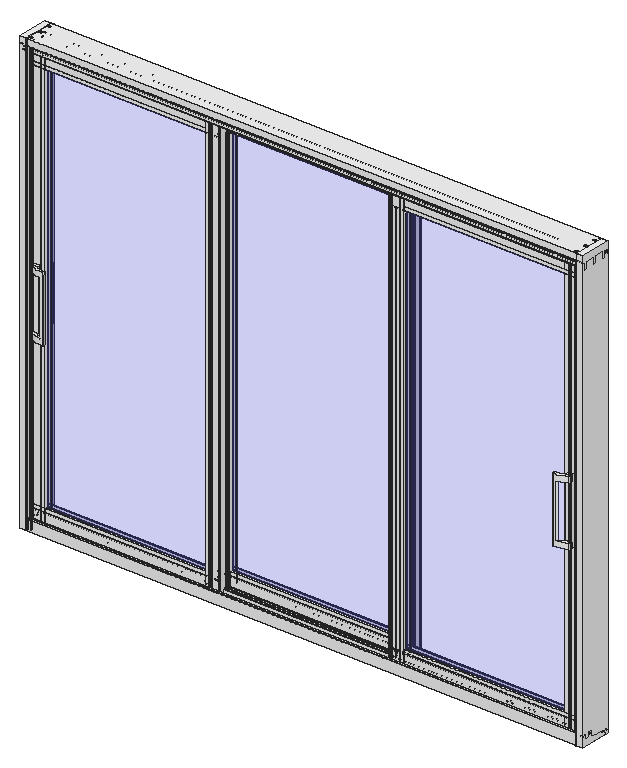
Revit family "Patio-Door_R-550-2-0_3-Light_XOX_5in_Novatech", category Doors, host Wall, Revit 2026 (continued)
Definition of nested family "NOVATECH_R-550 (2.0)_3 LIGHT_XOX_5in_SASH_O_MID"
  Definition of nested family "NOVATECH_650_2 LIGHT_SASH_O_RIGHT"
    Automatic sketch dimensions
      plane 5 to Extrusion 1 sketch curve = 0.36644"  (x2)
      Extrusion 1 sketch curve to Extrusion 1 sketch curve = 0.02542"
      plane 5 to Extrusion 1 sketch curve = 0.33494"
      Extrusion 1 sketch curve to Extrusion 1 sketch curve = 0.02378"
      Extrusion 1 sketch curve to plane 5 = 0.22552"
      Extrusion 1 sketch curve to Extrusion 1 sketch curve = 0.02953"
      plane 5 to Extrusion 1 sketch curve = 0.32313"
      Extrusion 1 sketch curve to Extrusion 1 sketch curve = 0.00017"
      Extrusion 1 sketch curve to Extrusion 1 sketch curve = 0.0007"
      Extrusion 1 sketch curve to plane 1 "Center (Front/Back)" = 0.09049"  (x2)
      Extrusion 1 sketch curve to Extrusion 1 sketch curve = 0.0358"  (x2)
      Extrusion 1 sketch curve to Extrusion 1 sketch curve = 0.00745"
      Extrusion 1 sketch curve to Extrusion 1 sketch curve = 0.0097"
      Extrusion 1 sketch curve to Extrusion 1 sketch curve = 0.01763"
      Extrusion 1 sketch curve to Extrusion 1 sketch curve = 0.02165"  (x2)
      Extrusion 1 sketch curve to Extrusion 1 sketch curve = 0.01387"
      Extrusion 1 sketch curve to Extrusion 1 sketch curve = 5/128"  (x2)
      Extrusion 1 sketch curve to Extrusion 1 sketch curve = 0.12355"
      Extrusion 1 sketch curve to Extrusion 1 sketch curve = 0.00281"
      Extrusion 1 sketch curve to Extrusion 1 sketch curve = 0.03244"
      Extrusion 1 sketch curve to Extrusion 1 sketch curve = 0.04101"
      Extrusion 1 sketch curve to Extrusion 1 sketch curve = 0.00774"
      Extrusion 1 sketch curve to Extrusion 1 sketch curve = 0.00904"
      Extrusion 1 sketch curve to Extrusion 1 sketch curve = 0.02064"
      Extrusion 1 sketch curve to Extrusion 1 sketch curve = 0.01086"
      Extrusion 1 sketch curve to Extrusion 1 sketch curve = 0.32283"
      Extrusion 1 sketch curve to Extrusion 1 sketch curve = 0.00437"
      Extrusion 1 sketch curve to Extrusion 1 sketch curve = 0.01181"
      Extrusion 1 sketch curve to Extrusion 1 sketch curve = 0.02015"
      Extrusion 1 sketch curve to Extrusion 1 sketch curve = 0.0276"
      Extrusion 1 sketch curve to Extrusion 1 sketch curve = 0.01177"
      Extrusion 1 sketch curve to Extrusion 1 sketch curve = 0.33821"
      Extrusion 1 sketch curve to Extrusion 1 sketch curve = 0.08207"
      Extrusion 1 sketch curve to Extrusion 1 sketch curve = 0.00804"
      Extrusion 1 sketch curve to Extrusion 1 sketch curve = 0.01869"
      Extrusion 1 sketch curve to Extrusion 1 sketch curve = 0.08225"
      Extrusion 1 sketch curve to Extrusion 1 sketch curve = 0.03799"
      Extrusion 1 sketch curve to Extrusion 1 sketch curve = 0.01793"
      Extrusion 1 sketch curve to Extrusion 1 sketch curve = 0.03959"
      Extrusion 1 sketch curve to Extrusion 1 sketch curve = 0.07552"
      Extrusion 1 sketch curve to Extrusion 1 sketch curve = 0.02006"
      Extrusion 1 sketch curve to Extrusion 1 sketch curve = 0.01855"
      Extrusion 1 sketch curve to Extrusion 1 sketch curve = 0.00214"
      Extrusion 1 sketch curve to Extrusion 1 sketch curve = 0.00957"
      Extrusion 1 sketch curve to Extrusion 1 sketch curve = 0.00014"
      Extrusion 1 sketch curve to plane 5 = 0.65819"
      Extrusion 1 sketch curve to Extrusion 1 sketch curve = 0.05162"
      Extrusion 1 sketch curve to Extrusion 1 sketch curve = 0.1252"
      Extrusion 1 sketch curve to Extrusion 1 sketch curve = 0.50066"
      Extrusion 1 sketch curve to Extrusion 1 sketch curve = 0.52292"
      Extrusion 1 sketch curve to Extrusion 1 sketch curve = 0.02226"
      Extrusion 1 sketch curve to Extrusion 1 sketch curve = 0.04131"
Types (3): name | Width Sash X | Width Sash O | Model_Sash to Reference Line | Rough Width | Rough Height | Height Sash X | Height Sash O | Height | Width
  105"W X 79 1/2"H | 35 101/128" | 35 101/128" | 34.23698" | 105 1/2" | 80" | 75 59/64" | 75 59/64" | 79 1/2" | 105"
  103 7/16"W X 81"H | 35.26823" | 35.26823" | 33.71615" | 103 15/16" | 81 1/2" | 77 27/64" | 77 27/64" | 81" | 103 7/16"
  139 3/8"W X 81"H | 47.2474" | 47.2474" | 45 89/128" | 139 7/8" | 81 1/2" | 77 27/64" | 77 27/64" | 81" | 139 3/8"
